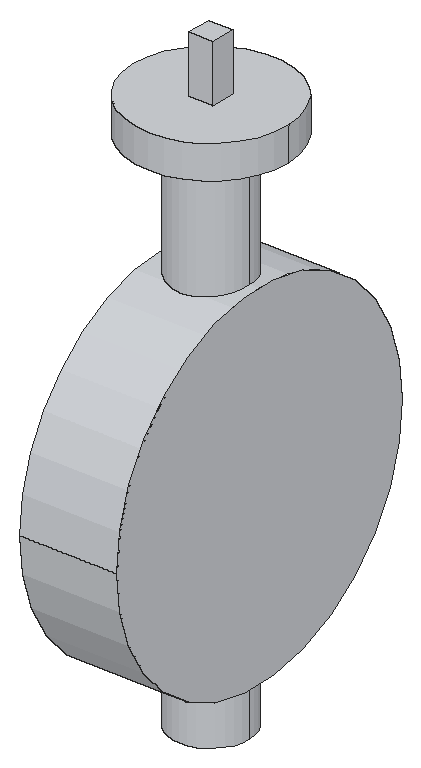
Revit family "HS497-67_disk-litina-volné vřeteno DN150-RFA_2018", category Pipe Accessories, Revit 2018
Family settings
  Round Connector Dimension = Use Diameter
  Part Type = Valve - Breaks Into
  Work Plane-Based = No
  Always vertical = Yes
  Cut with Voids When Loaded = No
  Shared = No
Parameters (values of type "HS 497-67_DN150_PN16_volné vřeteno")
  magiProductId = "50c80cb8ab434f55ab7796e5ac1331"
  magiProductFamilyId = "53cea81e6f374d17b8841d9c72ad77"
  magiPartTypeId = 305
  isMeasuringValve [instance] = no
  ang2D [instance] = 0.00°
  X11 = 61.456 mm
  X1 = 25.456 mm
  W2D = 1000 mm
  VersionID = "2.0/2017.9.26.1/ZETKAMA_497_001"
  Use Minimum Symbol Size [instance] = yes
  URL = "http://www.hydronic.cz"
  Type Comments = "mezipřírubová; litinový disk; PN16; -10~+110°C (krátkodobě +120°C)"
  SW30 = no
  SW3 = no
  SW21 = no
  SW20 = no
  SW2 = no
  SW1 = yes
  R = 75 mm
  QmdConnectorList = "301;D;302;D"
  Productdata [instance] = ""
  NC = 50 mm
  Model = ""
  Manufacturer = "Hydronic Systems Prague s.r.o."
  MM20 = 25.456 mm
  MC Product Code = "123 150 (litinový disk, s volným vřetenem; DN150; PN16, kvs1347)"
  M41 = 66 mm
  M4 = 44 mm
  LHL = 220 mm
  LHH3 = 2.45 mm
  LHH1 = 46.55 mm
  LH1 = 73.333 mm
  L4R__ve = -L4R  # -12.8 mm
  L4R = 12.8 mm
  L42__ve = -L42  # -96 mm
  L42 = 96 mm
  L41__ve = -L41  # -19.2 mm
  L41 = 19.2 mm
  L2D_Min = 3048 mm
  L2D = 216 mm
  L2 = 28 mm
  L1 = 44.8 mm
  L = 56 mm
  H = 33 mm
  G22 = 11.25 mm
  G2 = 22.5 mm
  G1 = 90 mm
  G = 90 mm
  F = 14 mm
  E44 = 31.25 mm
  E42 = 62.5 mm
  E4 = 125 mm
  E23 = 4.9 mm
  E22 = 19.6 mm
  E21 = 9.8 mm
  Description = "Mezipřírubová uzavírací klapka s volným vřetenem; litinový disk, DN150; PN16; kvs1347"
  DR2 = 75 mm
  DR = 206 mm
  DD1 = 15.625 mm
  DD = 12.5 mm
  D = 150 mm
  CAT0 = yes
  B2__ve = -B2  # -58 mm
  B2 = 58 mm
  A2 = 19.3 mm
  A1 = 98.7 mm
Types (43, lengths in mm): name | magiProductId | X11 | X1 | Type Comments | SW30 | SW3 | SW20 | SW2 | SW1 | R | NC | MM20 | MC Product Code | M41 | M4 | LHL | LHH3 | LHH1 | LH1 | L4R__ve | L4R | L42__ve | L42 | L41__ve | L41 | L2 | L1 | L | H | G | F | E44 | E42 | E4 | E23 | E22 | E21 | Description | DR2 | DR | DD1 | DD | D | B2__ve | B2 | A2 | A1
  HS 497-67_DN100_PN16_volné vřeteno | "65d1b245f4f142c78569c0602d5754" | 61.456 | 25.456 | "mezipřírubová; litinový disk; PN16; -10~+110°C (krátkodobě +120°C)" | no | no | no | no | yes | 50 | 50 | 25.456 | "123 100 (litinový disk, s volným vřetenem; DN100; PN16, kvs512)" | 66 | 44 | 220 | 2.45 | 46.55 | 73.333 | -12.8 | 12.8 | -96 | 96 | -19.2 | 19.2 | 26 | 41.6 | 52 | 30 | 90 | 11 | 31.25 | 62.5 | 125 | 4.9 | 19.6 | 9.8 | "Mezipřírubová uzavírací klapka s volným vřetenem; litinový disk, DN100; PN16; kvs512" | 50 | 147 | 15.625 | 12.5 | 100 | -56 | 56 | 16.5 | 98.5
  HS 497-67_DN100_PN16_převodové kolo | "11e91b807e674d428c8e796fcdcfe2" | 61.456 | 25.456 | "mezipřírubová; litinový disk; PN16; -10~+110°C (krátkodobě +120°C)" | yes | yes | no | no | no | 50 | 50 | 25.456 | "125 100 (litinový disk, s převodovým kolem; DN100; PN16, kvs512)" | 65.25 | 43.5 | 220 | 2.45 | 46.55 | 73.333 | -12.8 | 12.8 | -96 | 96 | -19.2 | 19.2 | 26 | 41.6 | 52 | 30 | 90 | 11 | 31.25 | 62.5 | 125 | 4.9 | 19.6 | 9.8 | "Mezipřírubová uzavírací klapka s převodovým kolem; litinový disk, DN100; PN16; kvs512" | 50 | 147 | 15.625 | 12.5 | 100 | -56 | 56 | 16.5 | 98.5
  HS 497-67_DN100_PN16_s pákou | "28172f0b3f4b47b28323ac71cf8749" | 61.456 | 25.456 | "mezipřírubová; litinový disk; PN16; -10~+110°C (krátkodobě +120°C)" | no | no | yes | yes | no | 50 | 50 | 25.456 | "120 100 (litinový disk, s pákou; DN100; PN16, kvs512)" | 66 | 44 | 260 | 3 | 57 | 86.667 | -12.8 | 12.8 | -96 | 96 | -19.2 | 19.2 | 26 | 41.6 | 52 | 30 | 90 | 11 | 31.25 | 62.5 | 125 | 6 | 24 | 12 | "Mezipřírubová uzavírací klapka s pákou; litinový disk, DN100; PN16; kvs512" | 50 | 147 | 15.625 | 12.5 | 100 | -56 | 56 | 16.5 | 98.5
  HS 497-67_DN125_PN16_volné vřeteno | "0d813d910fc14f628bb3c2efbd185c" | 61.456 | 25.456 | "mezipřírubová; litinový disk; PN16; -10~+110°C (krátkodobě +120°C)" | no | no | no | no | yes | 62.5 | 50 | 25.456 | "123 125 (litinový disk, s volným vřetenem; DN125; PN16, kvs872)" | 66 | 44 | 220 | 2.45 | 46.55 | 73.333 | -12.8 | 12.8 | -96 | 96 | -19.2 | 19.2 | 28 | 44.8 | 56 | 33 | 90 | 14 | 31.25 | 62.5 | 125 | 4.9 | 19.6 | 9.8 | "Mezipřírubová uzavírací klapka s volným vřetenem; litinový disk, DN125; PN16; kvs872" | 62.5 | 180 | 15.625 | 12.5 | 125 | -64 | 64 | 18 | 99.5
  HS 497-67_DN125_PN16_převodové kolo | "c56b7c13f372467684996fb1e0e229" | 61.456 | 25.456 | "mezipřírubová; litinový disk; PN16; -10~+110°C (krátkodobě +120°C)" | yes | yes | no | no | no | 62.5 | 50 | 25.456 | "125 125 (litinový disk, s převodovým kolem; DN125; PN16, kvs872)" | 65.25 | 43.5 | 220 | 2.45 | 46.55 | 73.333 | -13.5 | 13.5 | -101.25 | 101.25 | -20.25 | 20.25 | 28 | 44.8 | 56 | 33 | 90 | 14 | 40 | 80 | 160 | 4.9 | 19.6 | 9.8 | "Mezipřírubová uzavírací klapka s převodovým kolem; litinový disk, DN125; PN16; kvs872" | 62.5 | 180 | 20 | 16 | 125 | -64 | 64 | 18 | 99.5
  HS 497-67_DN125_PN16_s pákou | "105993c79a91492399feef7931321a" | 61.456 | 25.456 | "mezipřírubová; litinový disk; PN16; -10~+110°C (krátkodobě +120°C)" | no | no | yes | yes | no | 62.5 | 50 | 25.456 | "120 125 (litinový disk, s pákou; DN125; PN16, kvs872)" | 66 | 44 | 315 | 3.75 | 71.25 | 105 | -12.8 | 12.8 | -96 | 96 | -19.2 | 19.2 | 28 | 44.8 | 56 | 33 | 90 | 14 | 31.25 | 62.5 | 125 | 7.5 | 30 | 15 | "Mezipřírubová uzavírací klapka s pákou; litinový disk, DN125; PN16; kvs872" | 62.5 | 180 | 15.625 | 12.5 | 125 | -64 | 64 | 18 | 99.5
  HS 497-67_DN150_PN16_volné vřeteno | "50c80cb8ab434f55ab7796e5ac1331" | 61.456 | 25.456 | "mezipřírubová; litinový disk; PN16; -10~+110°C (krátkodobě +120°C)" | no | no | no | no | yes | 75 | 50 | 25.456 | "123 150 (litinový disk, s volným vřetenem; DN150; PN16, kvs1347)" | 66 | 44 | 220 | 2.45 | 46.55 | 73.333 | -12.8 | 12.8 | -96 | 96 | -19.2 | 19.2 | 28 | 44.8 | 56 | 33 | 90 | 14 | 31.25 | 62.5 | 125 | 4.9 | 19.6 | 9.8 | "Mezipřírubová uzavírací klapka s volným vřetenem; litinový disk, DN150; PN16; kvs1347" | 75 | 206 | 15.625 | 12.5 | 150 | -58 | 58 | 19.3 | 98.7
  HS 497-67_DN150_PN16_převodové kolo | "d94a1a0cf83b476eb10011b327f709" | 61.456 | 25.456 | "mezipřírubová; litinový disk; PN16; -10~+110°C (krátkodobě +120°C)" | yes | yes | no | no | no | 75 | 50 | 25.456 | "125 150 (litinový disk, s převodovým kolem; DN150; PN16, kvs1347)" | 65.25 | 43.5 | 220 | 2.45 | 46.55 | 73.333 | -13.5 | 13.5 | -101.25 | 101.25 | -20.25 | 20.25 | 28 | 44.8 | 56 | 33 | 90 | 14 | 40 | 80 | 160 | 4.9 | 19.6 | 9.8 | "Mezipřírubová uzavírací klapka s převodovým kolem; litinový disk, DN150; PN16; kvs1347" | 75 | 206 | 20 | 16 | 150 | -58 | 58 | 19.3 | 98.7
  HS 497-67_DN150_PN16_s pákou | "4d2835523fe84828bc50ff0a5a0dfb" | 61.456 | 25.456 | "mezipřírubová; litinový disk; PN16; -10~+110°C (krátkodobě +120°C)" | no | no | yes | yes | no | 75 | 50 | 25.456 | "120 150 (litinový disk, s pákou; DN150; PN16, kvs1347)" | 66 | 44 | 315 | 3.75 | 71.25 | 105 | -12.8 | 12.8 | -96 | 96 | -19.2 | 19.2 | 28 | 44.8 | 56 | 33 | 90 | 14 | 31.25 | 62.5 | 125 | 7.5 | 30 | 15 | "Mezipřírubová uzavírací klapka s pákou; litinový disk, DN150; PN16; kvs1347" | 75 | 206 | 15.625 | 12.5 | 150 | -58 | 58 | 19.3 | 98.7
  HS 497-67_DN200_PN16_volné vřeteno | "5b29029eaeba47139ee1055a4b9201" | 61.456 | 25.456 | "mezipřírubová; litinový disk; PN16; -10~+110°C (krátkodobě +120°C)" | no | no | no | no | yes | 100 | 50 | 25.456 | "123 200 (litinový disk, s volným vřetenem; DN200; PN16, kvs2675)" | 66 | 44 | 220 | 2.45 | 46.55 | 73.333 | -12.8 | 12.8 | -96 | 96 | -19.2 | 19.2 | 30 | 48 | 60 | 33 | 90 | 17 | 31.25 | 62.5 | 125 | 4.9 | 19.6 | 9.8 | "Mezipřírubová uzavírací klapka s volným vřetenem; litinový disk, DN200; PN16; kvs2675" | 100 | 257 | 15.625 | 12.5 | 200 | -70 | 70 | 22.5 | 102.5
  HS 497-67_DN200_PN16_převodové kolo | "b2793cc1fcc44cf2a35062cd67c04f" | 61.456 | 25.456 | "mezipřírubová; litinový disk; PN16; -10~+110°C (krátkodobě +120°C)" | yes | yes | no | no | no | 100 | 57 | 25.456 | "125 200 (litinový disk, s převodovým kolem; DN200; PN16, kvs2675)" | 78.75 | 52.5 | 220 | 2.45 | 46.55 | 73.333 | -15.2 | 15.2 | -114 | 114 | -22.8 | 22.8 | 30 | 48 | 60 | 33 | 90 | 17 | 50 | 100 | 200 | 4.9 | 19.6 | 9.8 | "Mezipřírubová uzavírací klapka s převodovým kolem; litinový disk, DN200; PN16; kvs2675" | 100 | 257 | 25 | 20 | 200 | -70 | 70 | 22.5 | 102.5
  HS 497-67_DN200_PN16_s pákou | "f88d96c7af224537a51e72d7d8fffe" | 61.456 | 25.456 | "mezipřírubová; litinový disk; PN16; -10~+110°C (krátkodobě +120°C)" | no | no | yes | yes | no | 100 | 50 | 25.456 | "120 200 (litinový disk, s pákou; DN200; PN16, kvs2675)" | 66 | 44 | 315 | 3.75 | 71.25 | 105 | -12.8 | 12.8 | -96 | 96 | -19.2 | 19.2 | 30 | 48 | 60 | 33 | 90 | 17 | 31.25 | 62.5 | 125 | 7.5 | 30 | 15 | "Mezipřírubová uzavírací klapka s pákou; litinový disk, DN200; PN16; kvs2675" | 100 | 257 | 15.625 | 12.5 | 200 | -70 | 70 | 22.5 | 102.5
  HS 497-67_DN250_PN16_volné vřeteno | "b662e8305ca2402b9c510e66e6aa55" | 88.77 | 36.77 | "mezipřírubová; litinový disk; PN16; -10~+110°C (krátkodobě +120°C)" | no | no | no | no | yes | 125 | 50 | 36.77 | "123 250 (litinový disk, s volným vřetenem; DN250; PN16, kvs4555)" | 66 | 44 | 220 | 2.45 | 46.55 | 73.333 | -12.8 | 12.8 | -96 | 96 | -19.2 | 19.2 | 34 | 54.4 | 68 | 23 | 130 | 22 | 31.25 | 62.5 | 125 | 4.9 | 19.6 | 9.8 | "Mezipřírubová uzavírací klapka s volným vřetenem; litinový disk, DN250; PN16; kvs4555" | 125 | 324 | 15.625 | 12.5 | 250 | -85 | 85 | 28.25 | 129.25
  HS 497-67_DN250_PN16_převodové kolo | "5ee9016806664ddfaa2632711f295c" | 88.77 | 36.77 | "mezipřírubová; litinový disk; PN16; -10~+110°C (krátkodobě +120°C)" | yes | yes | no | no | no | 125 | 70 | 36.77 | "125 250 (litinový disk, s převodovým kolem; DN250; PN16, kvs4555)" | 91.5 | 61 | 220 | 2.45 | 46.55 | 73.333 | -22.2 | 22.2 | -166.5 | 166.5 | -33.3 | 33.3 | 34 | 54.4 | 68 | 23 | 130 | 22 | 62.5 | 125 | 250 | 4.9 | 19.6 | 9.8 | "Mezipřírubová uzavírací klapka s převodovým kolem; litinový disk, DN250; PN16; kvs4555" | 125 | 324 | 31.25 | 25 | 250 | -85 | 85 | 28.25 | 129.25
  HS 497-67_DN300_PN16_volné vřeteno | "e1886f51ff004380a649519258edf2" | 88.77 | 36.77 | "mezipřírubová; litinový disk; PN16; -10~+110°C (krátkodobě +120°C)" | no | no | no | no | yes | 150 | 50 | 36.77 | "123 300 (litinový disk, s volným vřetenem; DN300; PN16, kvs7037)" | 66 | 44 | 220 | 2.45 | 46.55 | 73.333 | -12.8 | 12.8 | -96 | 96 | -19.2 | 19.2 | 39 | 62.4 | 78 | 23 | 130 | 22 | 31.25 | 62.5 | 125 | 4.9 | 19.6 | 9.8 | "Mezipřírubová uzavírací klapka s volným vřetenem; litinový disk, DN300; PN16; kvs7037" | 150 | 376 | 15.625 | 12.5 | 300 | -90 | 90 | 30.8 | 127.2
  HS 497-67_DN300_PN16_převodové kolo | "6860f094f77d42088fbebc3c97f755" | 88.77 | 36.77 | "mezipřírubová; litinový disk; PN16; -10~+110°C (krátkodobě +120°C)" | yes | yes | no | no | no | 150 | 70 | 36.77 | "125 300 (litinový disk, s převodovým kolem; DN300; PN16, kvs7037)" | 91.5 | 61 | 220 | 2.45 | 46.55 | 73.333 | -22.2 | 22.2 | -166.5 | 166.5 | -33.3 | 33.3 | 39 | 62.4 | 78 | 23 | 130 | 22 | 62.5 | 125 | 250 | 4.9 | 19.6 | 9.8 | "Mezipřírubová uzavírací klapka s převodovým kolem; litinový disk, DN300; PN16; kvs7037" | 150 | 376 | 31.25 | 25 | 300 | -90 | 90 | 30.8 | 127.2
  HS 497-67_DN032_PN16_volné vřeteno | "8c5f65de52aa4067a77564107e31b2" | 61.456 | 25.456 | "mezipřírubová; litinový disk; PN16; -10~+110°C (krátkodobě +120°C)" | no | no | no | no | yes | 16 | 50 | 25.456 | "123 032 (litinový disk, s volným vřetenem; DN32; PN16, kvs78)" | 66 | 44 | 220 | 2.45 | 46.55 | 73.333 | -12.8 | 12.8 | -96 | 96 | -19.2 | 19.2 | 16.5 | 26.4 | 33 | 30 | 90 | 11 | 31.25 | 62.5 | 125 | 4.9 | 19.6 | 9.8 | "Mezipřírubová uzavírací klapka s volným vřetenem; litinový disk, DN32; PN16; kvs78" | 16 | 68 | 15.625 | 12.5 | 32 | -44.2 | 44.2 | 10.25 | 76.25
  HS 497-67_DN032_PN16_převodové kolo | "60aaeffa8b3a4e809ef000e4660060" | 61.456 | 25.456 | "mezipřírubová; litinový disk; PN16; -10~+110°C (krátkodobě +120°C)" | yes | yes | no | no | no | 16 | 50 | 25.456 | "125 032 (litinový disk, s převodovým kolem; DN32; PN16, kvs78)" | 65.25 | 43.5 | 220 | 2.45 | 46.55 | 73.333 | -12.8 | 12.8 | -96 | 96 | -19.2 | 19.2 | 16.5 | 26.4 | 33 | 30 | 90 | 11 | 31.25 | 62.5 | 125 | 4.9 | 19.6 | 9.8 | "Mezipřírubová uzavírací klapka s převodovým kolem; litinový disk, DN32; PN16; kvs78" | 16 | 68 | 15.625 | 12.5 | 32 | -44.2 | 44.2 | 10.25 | 76.25
  HS 497-67_DN032_PN16_s pákou | "9ad8088d610749a1b871aa2aad8007" | 61.456 | 25.456 | "mezipřírubová; litinový disk; PN16; -10~+110°C (krátkodobě +120°C)" | no | no | yes | yes | no | 16 | 50 | 25.456 | "120 032 (litinový disk, s pákou; DN32; PN16, kvs78)" | 66 | 44 | 220 | 2.45 | 46.55 | 73.333 | -12.8 | 12.8 | -96 | 96 | -19.2 | 19.2 | 16.5 | 26.4 | 33 | 30 | 90 | 11 | 31.25 | 62.5 | 125 | 4.9 | 19.6 | 9.8 | "Mezipřírubová uzavírací klapka s pákou; litinový disk, DN32; PN16; kvs78" | 16 | 68 | 15.625 | 12.5 | 32 | -44.2 | 44.2 | 10.25 | 76.25
  HS 497-67_DN350_PN10_volné vřeteno | "72a1e05f22944421b7e9596a877137" | 109.255 | 45.255 | "mezipřírubová; litinový disk; PN10; -10~+110°C (krátkodobě +120°C)" | no | no | no | no | yes | 175 | 50 | 45.255 | "123 350 (litinový disk, s volným vřetenem; DN350; PN10, kvs10165)" | 66 | 44 | 220 | 2.45 | 46.55 | 73.333 | -12.8 | 12.8 | -96 | 96 | -19.2 | 19.2 | 39 | 62.4 | 78 | 31 | 160 | 22 | 31.25 | 62.5 | 125 | 4.9 | 19.6 | 9.8 | "Mezipřírubová uzavírací klapka s volným vřetenem; litinový disk, DN350; PN10; kvs10165" | 175 | 430 | 15.625 | 12.5 | 350 | -88 | 88 | 33.85 | 129.65
  HS 497-67_DN350_PN10_převodové kolo | "a5a01426cb28494ba3afca92f1dace" | 109.255 | 45.255 | "mezipřírubová; litinový disk; PN10; -10~+110°C (krátkodobě +120°C)" | yes | yes | no | no | no | 175 | 70 | 45.255 | "125 350 (litinový disk, s převodovým kolem; DN350; PN10, kvs10165)" | 91.5 | 61 | 220 | 2.45 | 46.55 | 73.333 | -22.2 | 22.2 | -166.5 | 166.5 | -33.3 | 33.3 | 39 | 62.4 | 78 | 31 | 160 | 22 | 62.5 | 125 | 250 | 4.9 | 19.6 | 9.8 | "Mezipřírubová uzavírací klapka s převodovým kolem; litinový disk, DN350; PN10; kvs10165" | 175 | 430 | 31.25 | 25 | 350 | -88 | 88 | 33.85 | 129.65
  HS 497-67_DN400_PN10_volné vřeteno | "c70ebeb927c04ab99b176e257ad0a7" | 109.255 | 45.255 | "mezipřírubová; litinový disk; PN10; -10~+110°C (krátkodobě +120°C)" | no | no | no | no | yes | 200 | 50 | 45.255 | "123 400 (litinový disk, s volným vřetenem; DN400; PN10, kvs13799)" | 66 | 44 | 220 | 2.45 | 46.55 | 73.333 | -12.8 | 12.8 | -96 | 96 | -19.2 | 19.2 | 51 | 81.6 | 102 | 31 | 160 | 27 | 31.25 | 62.5 | 125 | 4.9 | 19.6 | 9.8 | "Mezipřírubová uzavírací klapka s volným vřetenem; litinový disk, DN400; PN10; kvs13799" | 200 | 485 | 15.625 | 12.5 | 400 | -108 | 108 | 38 | 142
  HS 497-67_DN400_PN10_převodové kolo | "cc64a4384dcb41b780d81810f4f293" | 109.255 | 45.255 | "mezipřírubová; litinový disk; PN10; -10~+110°C (krátkodobě +120°C)" | yes | yes | no | no | no | 200 | 72.5 | 45.255 | "125 400 (litinový disk, s převodovým kolem; DN400; PN10, kvs13799)" | 103.5 | 69 | 220 | 2.45 | 46.55 | 73.333 | -27.8 | 27.8 | -208.5 | 208.5 | -41.7 | 41.7 | 51 | 81.6 | 102 | 31 | 160 | 27 | 75 | 150 | 300 | 4.9 | 19.6 | 9.8 | "Mezipřírubová uzavírací klapka s převodovým kolem; litinový disk, DN400; PN10; kvs13799" | 200 | 485 | 37.5 | 30 | 400 | -108 | 108 | 38 | 142
  HS 497-67_DN040_PN16_volné vřeteno | "35f92312390745e88df5b5c325d9ee" | 61.456 | 25.456 | "mezipřírubová; litinový disk; PN16; -10~+110°C (krátkodobě +120°C)" | no | no | no | no | yes | 20 | 50 | 25.456 | "123 040 (litinový disk, s volným vřetenem; DN40; PN16, kvs78)" | 66 | 44 | 220 | 2.45 | 46.55 | 73.333 | -12.8 | 12.8 | -96 | 96 | -19.2 | 19.2 | 16.5 | 26.4 | 33 | 30 | 90 | 11 | 31.25 | 62.5 | 125 | 4.9 | 19.6 | 9.8 | "Mezipřírubová uzavírací klapka s volným vřetenem; litinový disk, DN40; PN16; kvs78" | 20 | 76 | 15.625 | 12.5 | 40 | -36 | 36 | 11 | 79
  HS 497-67_DN040_PN16_převodové kolo | "d88e968eae3445bc9b7b4e6ff35127" | 61.456 | 25.456 | "mezipřírubová; litinový disk; PN16; -10~+110°C (krátkodobě +120°C)" | yes | yes | no | no | no | 20 | 50 | 25.456 | "125 040 (litinový disk, s převodovým kolem; DN40; PN16, kvs78)" | 65.25 | 43.5 | 220 | 2.45 | 46.55 | 73.333 | -12.8 | 12.8 | -96 | 96 | -19.2 | 19.2 | 16.5 | 26.4 | 33 | 30 | 90 | 11 | 31.25 | 62.5 | 125 | 4.9 | 19.6 | 9.8 | "Mezipřírubová uzavírací klapka s převodovým kolem; litinový disk, DN40; PN16; kvs78" | 20 | 76 | 15.625 | 12.5 | 40 | -36 | 36 | 11 | 79
  HS 497-67_DN040_PN16_s pákou | "c1b522ca65b4407a98818f232eaacb" | 61.456 | 25.456 | "mezipřírubová; litinový disk; PN16; -10~+110°C (krátkodobě +120°C)" | no | no | yes | yes | no | 20 | 50 | 25.456 | "120 040 (litinový disk, s pákou; DN40; PN16, kvs78)" | 66 | 44 | 220 | 2.45 | 46.55 | 73.333 | -12.8 | 12.8 | -96 | 96 | -19.2 | 19.2 | 16.5 | 26.4 | 33 | 30 | 90 | 11 | 31.25 | 62.5 | 125 | 4.9 | 19.6 | 9.8 | "Mezipřírubová uzavírací klapka s pákou; litinový disk, DN40; PN16; kvs78" | 20 | 76 | 15.625 | 12.5 | 40 | -36 | 36 | 11 | 79
  HS 497-67_DN450_PN10_volné vřeteno | "a8358bc282f14872b3194e530e590a" | 129.74 | 53.74 | "mezipřírubová; litinový disk; PN10; -10~+110°C (krátkodobě +120°C)" | no | no | no | no | yes | 225 | 50 | 53.74 | "123 450 (litinový disk, s volným vřetenem; DN450; PN10, kvs18514)" | 66 | 44 | 220 | 2.45 | 46.55 | 73.333 | -12.8 | 12.8 | -96 | 96 | -19.2 | 19.2 | 57 | 91.2 | 114 | 38 | 190 | 36 | 31.25 | 62.5 | 125 | 4.9 | 19.6 | 9.8 | "Mezipřírubová uzavírací klapka s volným vřetenem; litinový disk, DN450; PN10; kvs18514" | 225 | 536 | 15.625 | 12.5 | 450 | -115 | 115 | 38.05 | 117.45
  HS 497-67_DN450_PN10_převodové kolo | "cdf2d80f54a9414f9cbe50647c0ebd" | 129.74 | 53.74 | "mezipřírubová; litinový disk; PN10; -10~+110°C (krátkodobě +120°C)" | yes | yes | no | no | no | 225 | 91.5 | 53.74 | "125 450 (litinový disk, s převodovým kolem; DN450; PN10, kvs18514)" | 144.75 | 96.5 | 220 | 2.45 | 46.55 | 73.333 | -32.1 | 32.1 | -240.75 | 240.75 | -48.15 | 48.15 | 57 | 91.2 | 114 | 38 | 190 | 36 | 100 | 200 | 400 | 4.9 | 19.6 | 9.8 | "Mezipřírubová uzavírací klapka s převodovým kolem; litinový disk, DN450; PN10; kvs18514" | 225 | 536 | 50 | 40 | 450 | -115 | 115 | 38.05 | 117.45
  HS 497-67_DN500_PN10_volné vřeteno | "8c396e27bb2743f98f3c762b6517cd" | 143.397 | 59.397 | "mezipřírubová; litinový disk; PN10; -10~+110°C (krátkodobě +120°C)" | no | no | no | no | yes | 250 | 50 | 59.397 | "123 500 (litinový disk, s volným vřetenem; DN500; PN10, kvs23805)" | 66 | 44 | 220 | 2.45 | 46.55 | 73.333 | -12.8 | 12.8 | -96 | 96 | -19.2 | 19.2 | 63.5 | 101.6 | 127 | 38 | 210 | 36 | 31.25 | 62.5 | 125 | 4.9 | 19.6 | 9.8 | "Mezipřírubová uzavírací klapka s volným vřetenem; litinový disk, DN500; PN10; kvs23805" | 250 | 593 | 15.625 | 12.5 | 500 | -130 | 130 | 43.25 | 139.25
  HS 497-67_DN500_PN10_převodové kolo | "7647804f32e94cef828a7034a91a46" | 143.397 | 59.397 | "mezipřírubová; litinový disk; PN10; -10~+110°C (krátkodobě +120°C)" | yes | yes | no | no | no | 250 | 91.5 | 59.397 | "125 500 (litinový disk, s převodovým kolem; DN500; PN10, kvs23805)" | 144.75 | 96.5 | 220 | 2.45 | 46.55 | 73.333 | -32.1 | 32.1 | -240.75 | 240.75 | -48.15 | 48.15 | 63.5 | 101.6 | 127 | 38 | 210 | 36 | 100 | 200 | 400 | 4.9 | 19.6 | 9.8 | "Mezipřírubová uzavírací klapka s převodovým kolem; litinový disk, DN500; PN10; kvs23805" | 250 | 593 | 50 | 40 | 500 | -130 | 130 | 43.25 | 139.25
  HS 497-67_DN050_volné vřeteno | "d71f296ecd6d4adf8f6e5d9853b4e0" | 61.456 | 25.456 | "mezipřírubová; litinový disk; PN16; -10~+110°C (krátkodobě +120°C)" | no | no | no | no | yes | 25 | 50 | 25.456 | "123 050 (litinový disk, s volným vřetenem; DN50; PN16, kvs98)" | 66 | 44 | 220 | 2.45 | 46.55 | 73.333 | -12.8 | 12.8 | -96 | 96 | -19.2 | 19.2 | 21.5 | 34.4 | 43 | 30 | 90 | 11 | 31.25 | 62.5 | 125 | 4.9 | 19.6 | 9.8 | "Mezipřírubová uzavírací klapka s volným vřetenem; litinový disk, DN50; PN16; kvs98" | 25 | 100 | 15.625 | 12.5 | 50 | -36.5 | 36.5 | 12 | 83
  HS 497-67_DN050_PN16_převodové kolo | "2fb080deeaed49c58418b94c1da5a4" | 61.456 | 25.456 | "mezipřírubová; litinový disk; PN16; -10~+110°C (krátkodobě +120°C)" | yes | yes | no | no | no | 25 | 50 | 25.456 | "125 050 (litinový disk, s převodovým kolem; DN50; PN16, kvs98)" | 65.25 | 43.5 | 220 | 2.45 | 46.55 | 73.333 | -12.8 | 12.8 | -96 | 96 | -19.2 | 19.2 | 21.5 | 34.4 | 43 | 30 | 90 | 11 | 31.25 | 62.5 | 125 | 4.9 | 19.6 | 9.8 | "Mezipřírubová uzavírací klapka s převodovým kolem; litinový disk, DN50; PN16; kvs98" | 25 | 100 | 15.625 | 12.5 | 50 | -36.5 | 36.5 | 12 | 83
  HS 497-67_DN050_PN16_s pákou | "dabc632061f94877a994b9b4e68112" | 61.456 | 25.456 | "mezipřírubová; litinový disk; PN16; -10~+110°C (krátkodobě +120°C)" | no | no | yes | yes | no | 25 | 50 | 25.456 | "120 050 (litinový disk, s pákou; DN50; PN16, kvs98)" | 66 | 44 | 220 | 2.45 | 46.55 | 73.333 | -12.8 | 12.8 | -96 | 96 | -19.2 | 19.2 | 21.5 | 34.4 | 43 | 30 | 90 | 11 | 31.25 | 62.5 | 125 | 4.9 | 19.6 | 9.8 | "Mezipřírubová uzavírací klapka s pákou; litinový disk, DN50; PN16; kvs98" | 25 | 100 | 15.625 | 12.5 | 50 | -36.5 | 36.5 | 12 | 83
  HS 497-67_DN600_PN10_volné vřeteno | "99d5892c14664fce81a7c5903f7711" | 143.397 | 59.397 | "mezipřírubová; litinový disk; PN10; -10~+110°C (krátkodobě +120°C)" | no | no | no | no | yes | 300 | 50 | 59.397 | "123 600 (litinový disk, s volným vřetenem; DN600; PN10, kvs36778)" | 66 | 44 | 220 | 2.45 | 46.55 | 73.333 | -12.8 | 12.8 | -96 | 96 | -19.2 | 19.2 | 77 | 123.2 | 154 | 80 | 210 | 60 | 31.25 | 62.5 | 125 | 4.9 | 19.6 | 9.8 | "Mezipřírubová uzavírací klapka s volným vřetenem; litinový disk, DN600; PN10; kvs36788" | 300 | 690 | 15.625 | 12.5 | 600 | -140 | 140 | 49.4 | 144.6
  HS 497-67_DN600_PN10_převodové kolo | "b1e26faab48a4c499f6bb11e7e3002" | 143.397 | 59.397 | "mezipřírubová; litinový disk; PN10; -10~+110°C (krátkodobě +120°C)" | yes | yes | no | no | no | 300 | 140 | 59.397 | "125 600 (litinový disk, s převodovým kolem; DN600; PN10, kvs36778)" | 206.25 | 137.5 | 220 | 2.45 | 46.55 | 73.333 | -40.8 | 40.8 | -306 | 306 | -61.2 | 61.2 | 77 | 123.2 | 154 | 80 | 210 | 60 | 125 | 250 | 500 | 4.9 | 19.6 | 9.8 | "Mezipřírubová uzavírací klapka s převodovým kolem; litinový disk, DN600; PN10; kvs36788" | 300 | 690 | 62.5 | 50 | 600 | -140 | 140 | 49.4 | 144.6
  HS 497-67_DN065_PN16_volné vřeteno | "5e5e208646e34ec29f889baab5d08e" | 61.456 | 25.456 | "mezipřírubová; litinový disk; PN16; -10~+110°C (krátkodobě +120°C)" | no | no | no | no | yes | 32.5 | 50 | 25.456 | "123 065 (litinový disk, s volným vřetenem; DN65; PN16, kvs167)" | 66 | 44 | 220 | 2.45 | 46.55 | 73.333 | -12.8 | 12.8 | -96 | 96 | -19.2 | 19.2 | 23 | 36.8 | 46 | 30 | 90 | 11 | 31.25 | 62.5 | 125 | 4.9 | 19.6 | 9.8 | "Mezipřírubová uzavírací klapka s volným vřetenem; litinový disk, DN65; PN16; kv167" | 32.5 | 108 | 15.625 | 12.5 | 65 | -36.5 | 36.5 | 13.5 | 89
  HS 497-67_DN065_PN16_převodové kolo | "654d74c8d15540b0bfe523d988ccb3" | 61.456 | 25.456 | "mezipřírubová; litinový disk; PN16; -10~+110°C (krátkodobě +120°C)" | yes | yes | no | no | no | 32.5 | 50 | 25.456 | "125 065 (litinový disk, s převodovým kolem; DN65; PN16, kvs167)" | 65.25 | 43.5 | 220 | 2.45 | 46.55 | 73.333 | -12.8 | 12.8 | -96 | 96 | -19.2 | 19.2 | 23 | 36.8 | 46 | 30 | 90 | 11 | 31.25 | 62.5 | 125 | 4.9 | 19.6 | 9.8 | "Mezipřírubová uzavírací klapka s převodovým kolem; litinový disk, DN65; PN16; kvs167" | 32.5 | 108 | 15.625 | 12.5 | 65 | -36.5 | 36.5 | 13.5 | 89
  HS 497-67_DN065_PN16_s pákou | "ebeb4b59db0641caaf6d6635ab37b9" | 61.456 | 25.456 | "mezipřírubová; litinový disk; PN16; -10~+110°C (krátkodobě +120°C)" | no | no | yes | yes | no | 32.5 | 50 | 25.456 | "120 065 (litinový disk, s pákou; DN65; PN16, kvs167)" | 66 | 44 | 220 | 2.45 | 46.55 | 73.333 | -12.8 | 12.8 | -96 | 96 | -19.2 | 19.2 | 23 | 36.8 | 46 | 30 | 90 | 11 | 31.25 | 62.5 | 125 | 4.9 | 19.6 | 9.8 | "Mezipřírubová uzavírací klapka s pákou; litinový disk, DN65; PN16; kvs167" | 32.5 | 108 | 15.625 | 12.5 | 65 | -36.5 | 36.5 | 13.5 | 89
  HS 497-67_DN080_PN16_volné vřeteno | "9e85c75c18654e1185a9c48ed6b00e" | 61.456 | 25.456 | "mezipřírubová; litinový disk; PN16; -10~+110°C (krátkodobě +120°C)" | no | no | no | no | yes | 40 | 50 | 25.456 | "123 080 (litinový disk, s volným vřetenem; DN80; PN16, kvs258)" | 66 | 44 | 220 | 2.45 | 46.55 | 73.333 | -12.8 | 12.8 | -96 | 96 | -19.2 | 19.2 | 23 | 36.8 | 46 | 30 | 90 | 11 | 31.25 | 62.5 | 125 | 4.9 | 19.6 | 9.8 | "Mezipřírubová uzavírací klapka s volným vřetenem; litinový disk, DN80; PN16; kvs258" | 40 | 124 | 15.625 | 12.5 | 80 | -54 | 54 | 14.1 | 86.9
  HS 497-67_DN080_PN16_převodové kolo | "5b3c8238c3d041e68c75b199e7ea46" | 61.456 | 25.456 | "mezipřírubová; litinový disk; PN16; -10~+110°C (krátkodobě +120°C)" | yes | yes | no | no | no | 40 | 50 | 25.456 | "125 080 (litinový disk, s převodovým kolem; DN80; PN16, kvs258)" | 65.25 | 43.5 | 220 | 2.45 | 46.55 | 73.333 | -12.8 | 12.8 | -96 | 96 | -19.2 | 19.2 | 23 | 36.8 | 46 | 30 | 90 | 11 | 31.25 | 62.5 | 125 | 4.9 | 19.6 | 9.8 | "Mezipřírubová uzavírací klapka s převodovým kolem; litinový disk, DN80; PN16; kvs258" | 40 | 124 | 15.625 | 12.5 | 80 | -54 | 54 | 14.1 | 86.9
  HS 497-67_DN080_PN16_s pákou | "e414795fab0f4eccb99bc3572c5477" | 61.456 | 25.456 | "mezipřírubová; litinový disk; PN16; -10~+110°C (krátkodobě +120°C)" | no | no | yes | yes | no | 40 | 50 | 25.456 | "120 080 (litinový disk, s pákou; DN80; PN16, kvs258)" | 66 | 44 | 260 | 3 | 57 | 86.667 | -12.8 | 12.8 | -96 | 96 | -19.2 | 19.2 | 23 | 36.8 | 46 | 30 | 90 | 11 | 31.25 | 62.5 | 125 | 6 | 24 | 12 | "Mezipřírubová uzavírací klapka s pákou; litinový disk, DN80; PN16; kvs258" | 40 | 124 | 15.625 | 12.5 | 80 | -54 | 54 | 14.1 | 86.9
  HS 497-67_DN250_PN16_s pákou | "" | 88.77 | 36.77 | "mezipřírubová; litinový disk; PN16; -10~+110°C (krátkodobě +120°C)" | no | no | yes | yes | no | 125 | 70 | 36.77 | "120 250 (litinový disk, s pákou; DN250; PN16, kvs4555)" | 91.5 | 61 | 220 | 2.45 | 46.55 | 73.333 | -22.2 | 22.2 | -166.5 | 166.5 | -33.3 | 33.3 | 34 | 54.4 | 68 | 23 | 130 | 22 | 62.5 | 125 | 250 | 4.9 | 19.6 | 9.8 | "Mezipřírubová uzavírací klapka s pákou; litinový disk, DN250; PN16; kvs4555" | 125 | 324 | 31.25 | 25 | 250 | -85 | 85 | 28.25 | 129.25
  HS 497-67_DN300_PN16_s pákou | "" | 88.77 | 36.77 | "mezipřírubová; litinový disk; PN16; -10~+110°C (krátkodobě +120°C)" | no | no | yes | yes | no | 150 | 70 | 36.77 | "120 300 (litinový disk, s pákou; DN300; PN16, kvs7037)" | 91.5 | 61 | 220 | 2.45 | 46.55 | 73.333 | -22.2 | 22.2 | -166.5 | 166.5 | -33.3 | 33.3 | 39 | 62.4 | 78 | 23 | 130 | 22 | 62.5 | 125 | 250 | 4.9 | 19.6 | 9.8 | "Mezipřírubová uzavírací klapka s pákou; litinový disk, DN300; PN16; kvs7037" | 150 | 376 | 31.25 | 25 | 300 | -90 | 90 | 30.8 | 127.2
Reference planes
  plane 1 "Center (Front/Back)": y = 0
  plane 2 "XYPLANE": z = 0
  plane 3 "Center (Left/Right)": x = 0
  plane 4 "473": x = -25.456
  plane 5 "472": x = -66
  plane 6 "471": y = -25.456
  plane 7 "470": y = 25.456
  plane 8 "469": x = -44
  plane 9 "468": y = -115.2
  plane 10 "467": y = -96
  plane 11 "466": z = 224.25
  plane 12 "465": z = 239.55
  plane 13 "464": y = 145.417
  plane 14 "463": z = 229.75
  plane 15 "462": z = 212.6
  plane 16 "461": z = 222.4
  plane 17 "460": y = 72.083
  plane 18 "459": x = -11.25
  plane 19 "458": x = 11.25
  plane 20 "457": y = -6.25
  plane 21 "456": x = -17.5
  plane 22 "455": x = 17.5
  plane 23 "454": z = 227.3
  plane 24 "453": y = 62.083
  plane 25 "452": y = -11.25
  plane 26 "451": x = -22.5
  plane 27 "450": x = 22.5
  plane 28 "449": z = 207.7
  plane 29 "448": z = 202.8
  plane 30 "447": z = -75
  plane 31 "446": z = 193
  plane 32 "445": z = 173.7
  plane 33 "444": z = 75
  plane 34 "443": x = 28
  plane 35 "442": x = -28
  plane 36 "441": z = 0
  plane 37 "440": y = 0
  plane 38 "439": x = 0
  plane 39 "438": z = 242
  plane 40 "437": z = 227.3
  plane 41 "436": x = 13.7
  plane 42 "435": x = -13.7
  plane 43 "434": y = 220
Forms (mm)
  Extrusion 1, solid, visible <- "SW3"
    sketch origin (-750, 0, 193) x (1, 0, 0) y (0, 1, 0)
      loop
        line (684, 25.456) -> (684, -25.456) -> (724.544, -25.456)
        arc (724.544, -25.456) -> (786, 0) -> (724.544, 25.456) r 36
        line (724.544, 25.456) -> (684, 25.456)
    from 0 to 62.5 <- "E42"
  Extrusion 2, solid, visible <- "SW30"
    sketch origin (0, -750, 0) x (0, 1, 0) y (0, 0, 1)
      loop
        circle (750, 224.25) r 7.813
    from 0 to 50 <- "NC"
  Extrusion 3, solid, visible <- "SW30"
    sketch origin (750, -115.2, 0) x (-1, 0, 0) y (0, 0, 1)
      loop
        circle (794, 224.25) r 62.5
    from 0 to -12.8 <- "L4R__ve"
  Extrusion 4, solid, visible <- "SW3"
    sketch origin (750, -96, 0) x (-1, 0, 0) y (0, 0, 1)
      loop
        circle (794, 224.25) r 7.813
    from 0 to -19.2 <- "L41__ve"
  Extrusion 5, solid, visible <- "SW30"
    sketch origin (750, 0, 0) x (-1, 0, 0) y (0, 0, 1)
      loop
        circle (794, 224.25) r 6.25
    from 0 to -96 <- "L42__ve"
  Blend 6, solid, visible <- "SW21"
    base sketch origin (750, 72.083, 0) x (-1, 0, 0) y (0, 0, 1)
      loop
        line (761.25, 222.4) -> (738.75, 222.4) -> (738.75, 212.6) -> (761.25, 212.6) -> (761.25, 222.4)
    top sketch origin (750, 72.083, 0) x (-1, 0, 0) y (0, 0, 1)
      loop
        line (761.25, 239.55) -> (738.75, 239.55) -> (738.75, 229.75) -> (761.25, 229.75) -> (761.25, 239.55)
    from 0 to 73.333
  Blend 7, solid, visible <- "SW21"
    base sketch origin (750, 62.083, 0) x (-1, 0, 0) y (0, 0, 1)
      loop
        line (761.25, 227.3) -> (738.75, 227.3) -> (738.75, 207.7) -> (761.25, 207.7) -> (761.25, 227.3)
    top sketch origin (750, 62.083, 0) x (-1, 0, 0) y (0, 0, 1)
      loop
        line (761.25, 222.4) -> (738.75, 222.4) -> (738.75, 212.6) -> (761.25, 212.6) -> (761.25, 222.4)
    from 0 to 10
  Blend 8, solid, visible <- "SW21"
    base sketch origin (-750, 0, 207.7) x (1, 0, 0) y (0, 1, 0)
      loop
        line (772.5, 62.083) -> (727.5, 62.083) -> (727.5, -11.25)
        arc (727.5, -11.25) -> (750, -31.25) -> (772.5, -11.25) r 22.656
        line (772.5, -11.25) -> (772.5, 62.083)
    top sketch origin (-750, 0, 207.7) x (1, 0, 0) y (0, 1, 0)
      loop
        line (767.5, 62.083) -> (732.5, 62.083) -> (732.5, -6.25)
        arc (732.5, -6.25) -> (750, -26.25) -> (767.5, -6.25) r 17.656
        line (767.5, -6.25) -> (767.5, 62.083)
    from 0 to 19.6
  Extrusion 9, solid, visible <- "SW2"
    sketch origin (-750, 0, 202.8) x (1, 0, 0) y (0, 1, 0)
      loop
        circle (750, 0) r 11.25
    from 0 to 4.9 <- "E23"
  Extrusion 10, solid, visible <- "SW2"
    sketch origin (-750, 0, 193) x (1, 0, 0) y (0, 1, 0)
      loop
        circle (750, 0) r 45
    from 0 to 9.8 <- "E21"
  Extrusion 11, solid, visible <- "CAT0"
    sketch origin (-750, 0, -75) x (1, 0, 0) y (0, 1, 0)
      loop
        circle (750, 0) r 22.4
    from 0 to -58 <- "B2__ve"
  Extrusion 12, solid, visible <- "CAT0"
    sketch origin (-750, 0, 173.7) x (1, 0, 0) y (0, 1, 0)
      loop
        circle (750, 0) r 45
    from 0 to 19.3 <- "A2"
  Extrusion 13, solid, visible <- "CAT0"
    sketch origin (-750, 0, 75) x (1, 0, 0) y (0, 1, 0)
      loop
        circle (750, 0) r 22.4
    from 0 to 98.7 <- "A1"
  Extrusion 14, solid, visible <- "CAT0"
    sketch origin (-28, -750, 0) x (0, 1, 0) y (0, 0, 1)
      loop
        circle (750, 0) r 103
    from 0 to 56 <- "L"
  Extrusion 15, solid, visible <- "SW1"
    sketch origin (-750, 0, 193) x (1, 0, 0) y (0, 1, 0)
      loop
        line (757, 7) -> (743, 7) -> (743, -7) -> (757, -7) -> (757, 7)
    from 0 to 33 <- "H"
  Blend 16, solid, visible <- "SW2"
    base sketch origin (750, 145.417, 0) x (-1, 0, 0) y (0, 0, 1)
      loop
        arc (763.7, 237) -> (762.236, 240.536) -> (758.7, 242) r 5
        line (758.7, 242) -> (741.3, 242)
        arc (741.3, 242) -> (737.764, 240.536) -> (736.3, 237) r 5
        line (736.3, 237) -> (736.3, 232.3)
        arc (736.3, 232.3) -> (737.764, 228.764) -> (741.3, 227.3) r 5
        line (741.3, 227.3) -> (758.7, 227.3)
        arc (758.7, 227.3) -> (762.236, 228.764) -> (763.7, 232.3) r 5
        line (763.7, 232.3) -> (763.7, 237)
    top sketch origin (750, 145.417, 0) x (-1, 0, 0) y (0, 0, 1)
      loop
        arc (763.7, 237) -> (762.236, 240.536) -> (758.7, 242) r 5
        line (758.7, 242) -> (741.3, 242)
        arc (741.3, 242) -> (737.764, 240.536) -> (736.3, 237) r 5
        line (736.3, 237) -> (736.3, 232.3)
        arc (736.3, 232.3) -> (737.764, 228.764) -> (741.3, 227.3) r 5
        line (741.3, 227.3) -> (758.7, 227.3)
        arc (758.7, 227.3) -> (762.236, 228.764) -> (763.7, 232.3) r 5
        line (763.7, 232.3) -> (763.7, 237)
    from 0 to 74.583
  Blend 17, solid, visible <- "SW20"
    base sketch origin (750, 145.417, 0) x (-1, 0, 0) y (0, 0, 1)
      loop
        line (763.7, 242) -> (736.3, 242) -> (736.3, 227.3) -> (763.7, 227.3) -> (763.7, 242)
    top sketch origin (750, 145.417, 0) x (-1, 0, 0) y (0, 0, 1)
      loop
        line (761.25, 227.3) -> (738.75, 227.3) -> (738.75, 207.7) -> (761.25, 207.7) -> (761.25, 227.3)
    from 0 to -83.333
  Extrusion 18, solid, visible <- "SW20"
    sketch origin (-750, 0, 207.7) x (1, 0, 0) y (0, 1, 0)
      loop
        line (772.5, 62.083) -> (727.5, 62.083) -> (727.5, -11.25)
        arc (727.5, -11.25) -> (750, -31.25) -> (772.5, -11.25) r 22.656
        line (772.5, -11.25) -> (772.5, 62.083)
    from 0 to 19.6 <- "E22"
  Extrusion 19, solid, not visible
    sketch origin (-28, -750, 0) x (0, 1, 0) y (0, 0, 1)
      loop
        circle (750, 0) r 10
    from 0 to 10
  Extrusion 20, solid, not visible
    sketch origin (28, -750, 0) x (0, 1, 0) y (0, 0, 1)
      loop
        circle (750, 0) r 10
    from 0 to -10
Lines and regions (mm)
  reference lines, not visible
    curve 1: circle (2, 2, 0) r 1 normal (0, 0, 1)
  reference lines
    curve 2: line (-25.456, -25.456, 193) -> (-25.456, 25.456, 193)
    curve 3: line (-17.5, -6.25, 207.7) -> (17.5, -6.25, 207.7)
    curve 4: line (-22.5, -11.25, 207.7) -> (22.5, -11.25, 207.7)
    curve 5: circle (0, 0, 193) r 1 normal (0, 0, 1)
    curve 6: line (-22.5, -11.25, 207.7) -> (22.5, -11.25, 207.7)
Dimensions and locks
  plane 1 "Center (Front/Back)" to curve 1 = 2 mm
  "X1": plane 3 "Center (Left/Right)" to plane 4 "473"
  "M41": plane 3 "Center (Left/Right)" to plane 5 "472"
  "MM20": plane 1 "Center (Front/Back)" to plane 6 "471"
  "MM20": plane 1 "Center (Front/Back)" to plane 7 "470"
  "M4": plane 3 "Center (Left/Right)" to plane 8 "469"
  "L41": plane 10 "467" to plane 9 "468"
  "L42": plane 1 "Center (Front/Back)" to plane 10 "467"
  "E44": plane 31 "446" to plane 11 "466"
  "LHH1": plane 31 "446" to plane 12 "465"
  "LH1": plane 17 "460" to plane 13 "464"
  "E21": plane 12 "465" to plane 14 "463"
  "E21": plane 16 "461" to plane 15 "462"
  "E23": plane 23 "454" to plane 16 "461"
  locked: plane 24 "453" to plane 17 "460" at 10
  "G22": plane 3 "Center (Left/Right)" to plane 18 "459"
  "G22": plane 3 "Center (Left/Right)" to plane 19 "458"
  locked: plane 25 "452" to plane 20 "457" at 5
  locked: plane 26 "451" to plane 21 "456" at 5
  locked: plane 27 "450" to plane 22 "455" at 5
  "E22": plane 28 "449" to plane 23 "454"
  "LH1": plane 25 "452" to plane 24 "453"
  "G22": plane 1 "Center (Front/Back)" to plane 25 "452"
  "G2": plane 3 "Center (Left/Right)" to plane 26 "451"
  "G2": plane 3 "Center (Left/Right)" to plane 27 "450"
  "E23": plane 29 "448" to plane 28 "449"
  "E21": plane 31 "446" to plane 29 "448"
  "R": plane 2 "XYPLANE" to plane 30 "447"
  "A2": plane 32 "445" to plane 31 "446"
  "A1": plane 33 "444" to plane 32 "445"
  "DR2": plane 2 "XYPLANE" to plane 33 "444"
  "L2": plane 3 "Center (Left/Right)" to plane 34 "443"
  "L2": plane 3 "Center (Left/Right)" to plane 35 "442"
  locked: plane 2 "XYPLANE" to plane 36 "441"
  locked: plane 1 "Center (Front/Back)" to plane 37 "440"
  locked: plane 3 "Center (Left/Right)" to plane 38 "439"
  "LHH3": plane 12 "465" to plane 39 "438"
  "LHH3": plane 14 "463" to plane 40 "437"
  "LHH3": plane 19 "458" to plane 41 "436"
  "LHH3": plane 18 "459" to plane 42 "435"
  "LHL": plane 1 "Center (Front/Back)" to plane 43 "434"
  "X11": curve 2 to Extrusion 1 sketch curve
  Extrusion 1 sketch curve to Extrusion 1 sketch curve = 0 mm  (x8)
  Blend 6 sketch curve to Blend 6 sketch curve = 0 mm  (x16)
  Blend 7 sketch curve to Blend 7 sketch curve = 0 mm  (x16)
  Blend 8 sketch curve to Blend 8 sketch curve = 0 mm  (x16)
  equal spacing: Extrusion 15 sketch curve, curve 5, Extrusion 15 sketch curve  (x2)
  "F": Extrusion 15 sketch curve to Extrusion 15 sketch curve  (x2)
  Blend 16 sketch curve to Blend 16 sketch curve = 0 mm  (x32)
  Blend 17 sketch curve to Blend 17 sketch curve = 0 mm  (x16)
  Extrusion 18 sketch curve to Extrusion 18 sketch curve = 0 mm  (x8)
  "DD1": diameter of Extrusion 2 sketch curve
  "E4": diameter of Extrusion 3 sketch curve
  "DD1": diameter of Extrusion 4 sketch curve
  "DD": diameter of Extrusion 5 sketch curve
  "G2": diameter of Extrusion 9 sketch curve
  "G1": diameter of Extrusion 10 sketch curve
  "L1": diameter of Extrusion 11 sketch curve
  "G": diameter of Extrusion 12 sketch curve
  "L1": diameter of Extrusion 13 sketch curve
  "DR": diameter of Extrusion 14 sketch curve
  radius of Blend 16 sketch curve = 5 mm  (x8)
  aligned and locked: level to plane 2 "XYPLANE"
  aligned and locked: Extrusion 1 sketch curve to plane 5 "472"
  aligned and locked: plane 7 "470" to Extrusion 1 sketch curve
  aligned and locked: plane 6 "471" to Extrusion 1 sketch curve
  aligned and locked: plane 5 "472" to Extrusion 1 sketch curve
  aligned and locked: plane 4 "473" to Extrusion 1 sketch curve  (x2)
  aligned and locked: plane 4 "473" to curve 2
  aligned and locked: plane 6 "471" to curve 2
  aligned and locked: plane 7 "470" to curve 2
  aligned and locked: Extrusion 1 sketch curve to plane 7 "470"
  aligned and locked: plane 11 "466" to Extrusion 2 sketch curve
  aligned and locked: plane 37 "440" to Extrusion 2 sketch curve
  aligned and locked: plane 8 "469" to Extrusion 3 sketch curve
  aligned and locked: plane 11 "466" to Extrusion 3 sketch curve
  aligned and locked: plane 8 "469" to Extrusion 4 sketch curve
  aligned and locked: plane 11 "466" to Extrusion 4 sketch curve
  aligned and locked: plane 8 "469" to Extrusion 5 sketch curve
  aligned and locked: plane 11 "466" to Extrusion 5 sketch curve
  aligned and locked: plane 12 "465" to Blend 6 sketch curve  (x2)
  aligned and locked: plane 18 "459" to Blend 6 sketch curve  (x4)
  aligned and locked: plane 19 "458" to Blend 6 sketch curve  (x4)
  aligned and locked: plane 14 "463" to Blend 6 sketch curve  (x2)
  aligned and locked: plane 16 "461" to Blend 6 sketch curve  (x2)
  aligned and locked: plane 15 "462" to Blend 6 sketch curve  (x2)
  aligned and locked: plane 13 "464" to Blend 6
  aligned and locked: plane 16 "461" to Blend 7 sketch curve  (x2)
  aligned and locked: plane 18 "459" to Blend 7 sketch curve  (x4)
  aligned and locked: plane 19 "458" to Blend 7 sketch curve  (x4)
  aligned and locked: plane 15 "462" to Blend 7 sketch curve  (x2)
  aligned and locked: plane 23 "454" to Blend 7 sketch curve  (x2)
  aligned and locked: plane 28 "449" to Blend 7 sketch curve  (x2)
  aligned and locked: plane 17 "460" to Blend 7
  aligned and locked: plane 24 "453" to Blend 8 sketch curve  (x4)
  aligned and locked: plane 22 "455" to Blend 8 sketch curve  (x2)
  aligned and locked: plane 21 "456" to Blend 8 sketch curve
  aligned and locked: plane 20 "457" to Blend 8 sketch curve  (x2)
  aligned and locked: curve 3 to plane 20 "457"
  aligned and locked: plane 21 "456" to curve 3
  aligned and locked: plane 22 "455" to curve 3
  aligned and locked: plane 27 "450" to Blend 8 sketch curve  (x2)
  aligned and locked: plane 26 "451" to Blend 8 sketch curve
  aligned and locked: plane 25 "452" to Blend 8 sketch curve  (x2)
  aligned and locked: curve 4 to plane 25 "452"
  aligned and locked: plane 26 "451" to curve 4
  aligned and locked: plane 27 "450" to curve 4
  aligned and locked: plane 23 "454" to Blend 8
  aligned and locked: plane 37 "440" to Extrusion 9 sketch curve
  aligned and locked: plane 38 "439" to Extrusion 9 sketch curve
  aligned and locked: plane 37 "440" to Extrusion 10 sketch curve
  aligned and locked: plane 38 "439" to Extrusion 10 sketch curve
  aligned and locked: plane 37 "440" to Extrusion 11 sketch curve
  aligned and locked: plane 38 "439" to Extrusion 11 sketch curve
  aligned and locked: plane 37 "440" to Extrusion 12 sketch curve
  aligned and locked: plane 38 "439" to Extrusion 12 sketch curve
  aligned and locked: plane 37 "440" to Extrusion 13 sketch curve
  aligned and locked: plane 38 "439" to Extrusion 13 sketch curve
  aligned and locked: plane 36 "441" to Extrusion 14 sketch curve
  aligned and locked: Extrusion 14 sketch curve to plane 37 "440"
  aligned and locked: plane 37 "440" to curve 5
  aligned and locked: plane 38 "439" to curve 5
  aligned and locked: plane 39 "438" to Blend 16 sketch curve  (x2)
  aligned and locked: plane 41 "436" to Blend 16 sketch curve  (x2)
  aligned and locked: Blend 16 sketch curve to plane 40 "437"  (x2)
  aligned and locked: Blend 16 sketch curve to plane 42 "435"  (x2)
  aligned and locked: plane 43 "434" to Blend 16
  aligned and locked: plane 23 "454" to Blend 17 sketch curve  (x2)
  aligned and locked: plane 18 "459" to Blend 17 sketch curve  (x2)
  aligned and locked: plane 19 "458" to Blend 17 sketch curve  (x2)
  aligned and locked: plane 28 "449" to Blend 17 sketch curve  (x2)
  aligned and locked: plane 39 "438" to Blend 17 sketch curve  (x2)
  aligned and locked: plane 42 "435" to Blend 17 sketch curve  (x2)
  aligned and locked: plane 41 "436" to Blend 17 sketch curve  (x2)
  aligned and locked: plane 40 "437" to Blend 17 sketch curve  (x2)
  aligned and locked: Blend 17 to plane 24 "453"
  aligned and locked: plane 24 "453" to Extrusion 18 sketch curve  (x2)
  aligned and locked: plane 27 "450" to Extrusion 18 sketch curve  (x2)
  aligned and locked: plane 26 "451" to Extrusion 18 sketch curve
  aligned and locked: plane 25 "452" to Extrusion 18 sketch curve  (x2)
  aligned and locked: curve 6 to plane 25 "452"
  aligned and locked: plane 26 "451" to curve 6
  aligned and locked: plane 27 "450" to curve 6
  aligned and locked: plane 36 "441" to Extrusion 19 sketch curve
  aligned and locked: Extrusion 19 sketch curve to plane 37 "440"
  aligned and locked: plane 36 "441" to Extrusion 20 sketch curve
  aligned and locked: Extrusion 20 sketch curve to plane 37 "440"
Automatic sketch dimensions
  Blend 8 sketch curve to plane 20 "457" = 2.344 mm  (x2)
  Extrusion 18 sketch curve to plane 20 "457" = 2.344 mm
  plane 25 "452" to Extrusion 19 sketch curve = 1.25 mm
  plane 25 "452" to Extrusion 20 sketch curve = 1.25 mm
  plane 3 "Center (Left/Right)" to curve 1 = 2 mm
  plane 18 "459" to Extrusion 15 sketch curve = 4.25 mm
  Extrusion 15 sketch curve to plane 20 "457" = 0.75 mm
  radius of curve 5 = 1 mm
  radius of curve 1 = 1 mm
Connectors
  piping at (-28, 0, 0), diameter 150, driven by "D"
    settings: on Extrusion 19, index 1, connector inside diameter 609.6 mm, connector length 0 mm, flow factor 0, pipe flow 0.0 L/s, pressure drop 0.0 Pa, fitting loss kfactor 0, connector angle 0.00°, fixture units 0, engagement length 0 mm, angle of deflection 0.00°, flow configuration 0, flow direction 0, fitting loss method 0, system type 29, joint type 0, gender type 0, connector reference index 2, connector utility 0, adjustable connector no, is connector primary yes, connector description ""
  piping at (28, 0, 0), diameter 150, driven by "D"
    settings: on Extrusion 20, index 2, connector inside diameter 609.6 mm, connector length 0 mm, flow factor 0, pipe flow 0.0 L/s, pressure drop 0.0 Pa, fitting loss kfactor 0, connector angle 0.00°, fixture units 0, engagement length 0 mm, angle of deflection 0.00°, flow configuration 0, flow direction 0, fitting loss method 0, system type 29, joint type 0, gender type 0, connector reference index 1, connector utility 0, adjustable connector no, is connector primary no, connector description ""
